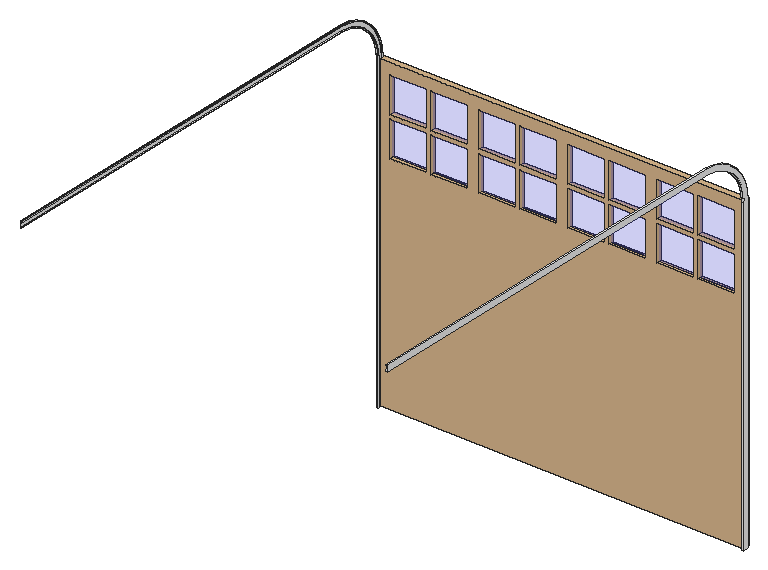
Revit family
Parameters (values of type "7Ft H x 8Ft W")
  Track Width = Width + 0' 2"  # 8' - 2"
  Track Height = Height + 1' 0"  # 8' - 0"
  Track Depth = 10' - 0"
  Track = Metal
  SmartBIM Object Version = 1  # constant formula
  SmartBIM Object Created By = "Reed Construction Data"  # constant formula
  Rough Width = 0' - 0"
  Rough Height = 0' - 0"
  Panel Thickness = 0' - 1 1/2"
  Manufacturer = ""
  Height = 7' - 0"
  Wall Closure = (empty or 0)
  Width = 8' - 0"
  Door Glass = Glass
  Door = Wood
  95 CSI = "08360"  # constant formula
  04 CSI = "08 36 13"  # constant formula
Types (3): name | Track Width | Width
  (no name) | 8' - 2" | 8' - 0"
  7Ft H x 8Ft W | 8' - 2" | 8' - 0"
  7Ft H x 16Ft W | 16' - 2" | 16' - 0"
Reference planes (in)
  plane 1 "Center (Front/Back)": y = 0
  plane 2 "Center (Left/Right)": x = 0
  plane 3 "Left": x = -48
  plane 4 "Right": x = 48
  plane 5 "Top": z = 84
  plane 6: x = -49
  plane 7: x = 49
  plane 8: y = -3.25
  plane 9: z = 60.75
  plane 10: z = 20.25
  plane 11: z = 40.5
  plane 12: z = 81
  plane 13: x = 24
  plane 14: x = -24
  plane 15: y = -2.5
  plane 16: y = -2.5
  plane 17 "Ext": y = -3.25
  plane 18: y = -2.5
  plane 19 "Int": y = -1.75
  plane 20: x = -36
  plane 21: x = -12
  plane 22: x = 12
  plane 23: x = 36
  plane 24: z = 70.875
Forms (in)
  Extrusion 1, solid, material "Wood" <- "Door"
    sketch origin (0, 0, 0) x (1, 0, 0) y (0, 0, 1)
      loop
        line (-49, 84) -> (-49, 0) -> (49, 0) -> (49, 84) -> (-49, 84)
      loop
        line (46.5, 60.75) -> (46.5, 70.375) -> (36.5, 70.375) -> (36.5, 60.75) -> (46.5, 60.75)
      loop
        line (22.5, 60.75) -> (22.5, 70.375) -> (12.5, 70.375) -> (12.5, 60.75) -> (22.5, 60.75)
      loop
        line (25.5, 81) -> (25.5, 71.375) -> (35.5, 71.375) -> (35.5, 81) -> (25.5, 81)
      loop
        line (46.5, 81) -> (36.5, 81) -> (36.5, 71.375) -> (46.5, 71.375) -> (46.5, 81)
      loop
        line (22.5, 81) -> (12.5, 81) -> (12.5, 71.375) -> (22.5, 71.375) -> (22.5, 81)
      loop
        line (-1.5, 60.75) -> (-1.5, 70.375) -> (-11.5, 70.375) -> (-11.5, 60.75) -> (-1.5, 60.75)
      loop
        line (1.5, 81) -> (1.5, 71.375) -> (11.5, 71.375) -> (11.5, 81) -> (1.5, 81)
      loop
        line (-1.5, 81) -> (-11.5, 81) -> (-11.5, 71.375) -> (-1.5, 71.375) -> (-1.5, 81)
      loop
        line (-25.5, 60.75) -> (-25.5, 70.375) -> (-35.5, 70.375) -> (-35.5, 60.75) -> (-25.5, 60.75)
      loop
        line (-22.5, 81) -> (-22.5, 71.375) -> (-12.5, 71.375) -> (-12.5, 81) -> (-22.5, 81)
      loop
        line (-25.5, 81) -> (-35.5, 81) -> (-35.5, 71.375) -> (-25.5, 71.375) -> (-25.5, 81)
      loop
        line (-46.5, 81) -> (-46.5, 71.375) -> (-36.5, 71.375) -> (-36.5, 81) -> (-46.5, 81)
      loop
        line (-36.5, 60.75) -> (-36.5, 70.375) -> (-46.5, 70.375) -> (-46.5, 60.75) -> (-36.5, 60.75)
      loop
        line (-12.5, 60.75) -> (-12.5, 70.375) -> (-22.5, 70.375) -> (-22.5, 60.75) -> (-12.5, 60.75)
      loop
        line (11.5, 60.75) -> (11.5, 70.375) -> (1.5, 70.375) -> (1.5, 60.75) -> (11.5, 60.75)
      loop
        line (35.5, 60.75) -> (35.5, 70.375) -> (25.5, 70.375) -> (25.5, 60.75) -> (35.5, 60.75)
    from 1.75 to 3.25
  Extrusion 2, solid, material "Glass" <- "Door Glass"
    sketch origin (0, 0, 0) x (1, 0, 0) y (0, 0, 1)
      loop
        line (46.5, 81) -> (25.5, 81) -> (25.5, 60.75) -> (46.5, 60.75) -> (46.5, 81)
      loop
        line (22.5, 81) -> (1.5, 81) -> (1.5, 60.75) -> (22.5, 60.75) -> (22.5, 81)
      loop
        line (-1.5, 81) -> (-22.5, 81) -> (-22.5, 60.75) -> (-1.5, 60.75) -> (-1.5, 81)
      loop
        line (-25.5, 81) -> (-46.5, 81) -> (-46.5, 60.75) -> (-25.5, 60.75) -> (-25.5, 81)
    from 2.375 to 2.625
Lines and regions (in)
  Opening 1
    outline origin (-90, -1.75, 0) x (1, 0, 0) y (0, 0, 1)
      loop
        line (42, 0) -> (138, 0) -> (138, 84) -> (42, 84) -> (42, 0)
  model lines
    curve 1: line (1.5, -1.75, 42) -> (46.5, -1.75, 42)
    curve 2: line (46.5, -1.75, 42) -> (46.5, -1.75, 59.25)
    curve 3: line (46.5, -1.75, 59.25) -> (1.5, -1.75, 59.25)
    curve 4: line (45, -1.75, 57.75) -> (3, -1.75, 57.75)
    curve 5: line (3, -1.75, 43.5) -> (45, -1.75, 43.5)
    curve 6: line (45, -1.75, 43.5) -> (45, -1.75, 57.75)
    curve 7: line (1.5, -1.75, 59.25) -> (1.5, -1.75, 42)
    curve 8: line (3, -1.75, 57.75) -> (3, -1.75, 43.5)
    curve 9: line (-1.5, -1.75, 59.25) -> (-1.5, -1.75, 42)
    curve 10: line (-1.5, -1.75, 42) -> (-46.5, -1.75, 42)
    curve 11: line (-46.5, -1.75, 59.25) -> (-1.5, -1.75, 59.25)
    curve 12: line (-45, -1.75, 57.75) -> (-3, -1.75, 57.75)
    curve 13: line (-3, -1.75, 57.75) -> (-3, -1.75, 43.5)
    curve 14: line (-3, -1.75, 43.5) -> (-45, -1.75, 43.5)
    curve 15: line (-46.5, -1.75, 59.25) -> (-46.5, -1.75, 42)
    curve 16: line (-45, -1.75, 57.75) -> (-45, -1.75, 43.5)
    curve 17: line (-46.5, -1.75, 39) -> (-46.5, -1.75, 21.75)
    curve 18: line (-45, -1.75, 37.5) -> (-45, -1.75, 23.25)
    curve 19: line (-46.5, -1.75, 21.75) -> (-1.5, -1.75, 21.75)
    curve 20: line (-1.5, -1.75, 21.75) -> (-1.5, -1.75, 39)
    curve 21: line (-1.5, -1.75, 39) -> (-46.5, -1.75, 39)
    curve 22: line (-3, -1.75, 37.5) -> (-45, -1.75, 37.5)
    curve 23: line (-45, -1.75, 23.25) -> (-3, -1.75, 23.25)
    curve 24: line (-3, -1.75, 23.25) -> (-3, -1.75, 37.5)
    curve 25: line (1.5, -1.75, 21.75) -> (1.5, -1.75, 39)
    curve 26: line (3, -1.75, 23.25) -> (3, -1.75, 37.5)
    curve 27: line (1.5, -1.75, 21.75) -> (46.5, -1.75, 21.75)
    curve 28: line (46.5, -1.75, 21.75) -> (46.5, -1.75, 39)
    curve 29: line (46.5, -1.75, 39) -> (1.5, -1.75, 39)
    curve 30: line (45, -1.75, 37.5) -> (3, -1.75, 37.5)
    curve 31: line (3, -1.75, 23.25) -> (45, -1.75, 23.25)
    curve 32: line (45, -1.75, 23.25) -> (45, -1.75, 37.5)
    curve 33: line (-46.5, -1.75, 1.5) -> (-46.5, -1.75, 18.75)
    curve 34: line (-45, -1.75, 3) -> (-45, -1.75, 17.25)
    curve 35: line (-1.5, -1.75, 1.5) -> (-1.5, -1.75, 18.75)
    curve 36: line (-1.5, -1.75, 18.75) -> (-46.5, -1.75, 18.75)
    curve 37: line (-46.5, -1.75, 1.5) -> (-1.5, -1.75, 1.5)
    curve 38: line (-45, -1.75, 3) -> (-3, -1.75, 3)
    curve 39: line (-3, -1.75, 3) -> (-3, -1.75, 17.25)
    curve 40: line (-3, -1.75, 17.25) -> (-45, -1.75, 17.25)
    curve 41: line (1.5, -1.75, 1.5) -> (1.5, -1.75, 18.75)
    curve 42: line (3, -1.75, 3) -> (3, -1.75, 17.25)
    curve 43: line (46.5, -1.75, 1.5) -> (46.5, -1.75, 18.75)
    curve 44: line (46.5, -1.75, 18.75) -> (1.5, -1.75, 18.75)
    curve 45: line (1.5, -1.75, 1.5) -> (46.5, -1.75, 1.5)
    curve 46: line (3, -1.75, 3) -> (45, -1.75, 3)
    curve 47: line (45, -1.75, 3) -> (45, -1.75, 17.25)
    curve 48: line (45, -1.75, 17.25) -> (3, -1.75, 17.25)
    curve 49: line (3, -1.75, 57.75) -> (1.5, -1.75, 59.25)
    curve 50: line (3, -1.75, 43.5) -> (1.5, -1.75, 42)
    curve 51: line (45, -1.75, 57.75) -> (46.5, -1.75, 59.25)
    curve 52: line (45, -1.75, 43.5) -> (46.5, -1.75, 42)
    curve 53: line (45, -1.75, 23.25) -> (46.5, -1.75, 21.75)
    curve 54: line (45, -1.75, 37.5) -> (46.5, -1.75, 39)
    curve 55: line (45, -1.75, 17.25) -> (46.5, -1.75, 18.75)
    curve 56: line (45, -1.75, 3) -> (46.5, -1.75, 1.5)
    curve 57: line (3, -1.75, 17.25) -> (1.5, -1.75, 18.75)
    curve 58: line (3, -1.75, 3) -> (1.5, -1.75, 1.5)
    curve 59: line (-3, -1.75, 17.25) -> (-1.5, -1.75, 18.75)
    curve 60: line (-3, -1.75, 3) -> (-1.5, -1.75, 1.5)
    curve 61: line (-45, -1.75, 17.25) -> (-46.5, -1.75, 18.75)
    curve 62: line (-45, -1.75, 3) -> (-46.5, -1.75, 1.5)
    curve 63: line (-45, -1.75, 23.25) -> (-46.5, -1.75, 21.75)
    curve 64: line (-45, -1.75, 37.5) -> (-46.5, -1.75, 39)
    curve 65: line (-3, -1.75, 23.25) -> (-1.5, -1.75, 21.75)
    curve 66: line (-3, -1.75, 37.5) -> (-1.5, -1.75, 39)
    curve 67: line (3, -1.75, 23.25) -> (1.5, -1.75, 21.75)
    curve 68: line (3, -1.75, 37.5) -> (1.5, -1.75, 39)
    curve 69: line (-3, -1.75, 57.75) -> (-1.5, -1.75, 59.25)
    curve 70: line (-3, -1.75, 43.5) -> (-1.5, -1.75, 42)
    curve 71: line (-45, -1.75, 57.75) -> (-46.5, -1.75, 59.25)
    curve 72: line (-45, -1.75, 43.5) -> (-46.5, -1.75, 42)
    curve 73: line (-46.5, -3.25, 59.25) -> (-1.5, -3.25, 59.25)
    curve 74: line (-1.5, -3.25, 59.25) -> (-1.5, -3.25, 42)
    curve 75: line (-1.5, -3.25, 42) -> (-46.5, -3.25, 42)
    curve 76: line (-46.5, -3.25, 42) -> (-46.5, -3.25, 59.25)
    curve 77: line (-45, -3.25, 57.75) -> (-3, -3.25, 57.75)
    curve 78: line (-3, -3.25, 57.75) -> (-3, -3.25, 43.5)
    curve 79: line (-3, -3.25, 43.5) -> (-45, -3.25, 43.5)
    curve 80: line (-45, -3.25, 43.5) -> (-45, -3.25, 57.75)
    curve 81: line (3, -3.25, 57.75) -> (3, -3.25, 43.5)
    curve 82: line (3, -3.25, 43.5) -> (45, -3.25, 43.5)
    curve 83: line (45, -3.25, 43.5) -> (45, -3.25, 57.75)
    curve 84: line (45, -3.25, 57.75) -> (3, -3.25, 57.75)
    curve 85: line (1.5, -3.25, 42) -> (46.5, -3.25, 42)
    curve 86: line (46.5, -3.25, 42) -> (46.5, -3.25, 59.25)
    curve 87: line (46.5, -3.25, 59.25) -> (1.5, -3.25, 59.25)
    curve 88: line (1.5, -3.25, 59.25) -> (1.5, -3.25, 42)
    curve 89: line (3, -3.25, 23.25) -> (45, -3.25, 23.25)
    curve 90: line (45, -3.25, 23.25) -> (45, -3.25, 37.5)
    curve 91: line (45, -3.25, 37.5) -> (3, -3.25, 37.5)
    curve 92: line (3, -3.25, 37.5) -> (3, -3.25, 23.25)
    curve 93: line (1.5, -3.25, 21.75) -> (46.5, -3.25, 21.75)
    curve 94: line (46.5, -3.25, 21.75) -> (46.5, -3.25, 39)
    curve 95: line (46.5, -3.25, 39) -> (1.5, -3.25, 39)
    curve 96: line (1.5, -3.25, 39) -> (1.5, -3.25, 21.75)
    curve 97: line (-3, -3.25, 37.5) -> (-45, -3.25, 37.5)
    curve 98: line (-45, -3.25, 37.5) -> (-45, -3.25, 23.25)
    curve 99: line (-45, -3.25, 23.25) -> (-3, -3.25, 23.25)
    curve 100: line (-3, -3.25, 23.25) -> (-3, -3.25, 37.5)
    curve 101: line (-46.5, -3.25, 39) -> (-46.5, -3.25, 21.75)
    curve 102: line (-46.5, -3.25, 21.75) -> (-1.5, -3.25, 21.75)
    curve 103: line (-1.5, -3.25, 21.75) -> (-1.5, -3.25, 39)
    curve 104: line (-1.5, -3.25, 39) -> (-46.5, -3.25, 39)
    curve 105: line (-45, -3.25, 3) -> (-45, -3.25, 17.25)
    curve 106: line (-45, -3.25, 17.25) -> (-3, -3.25, 17.25)
    curve 107: line (-3, -3.25, 17.25) -> (-3, -3.25, 3)
    curve 108: line (-3, -3.25, 3) -> (-45, -3.25, 3)
    curve 109: line (-46.5, -3.25, 1.5) -> (-1.5, -3.25, 1.5)
    curve 110: line (-1.5, -3.25, 1.5) -> (-1.5, -3.25, 18.75)
    curve 111: line (-1.5, -3.25, 18.75) -> (-46.5, -3.25, 18.75)
    curve 112: line (-46.5, -3.25, 18.75) -> (-46.5, -3.25, 1.5)
    curve 113: line (1.5, -3.25, 1.5) -> (46.5, -3.25, 1.5)
    curve 114: line (46.5, -3.25, 1.5) -> (46.5, -3.25, 18.75)
    curve 115: line (46.5, -3.25, 18.75) -> (1.5, -3.25, 18.75)
    curve 116: line (1.5, -3.25, 18.75) -> (1.5, -3.25, 1.5)
    curve 117: line (45, -3.25, 17.25) -> (3, -3.25, 17.25)
    curve 118: line (3, -3.25, 17.25) -> (3, -3.25, 3)
    curve 119: line (3, -3.25, 3) -> (45, -3.25, 3)
    curve 120: line (45, -3.25, 3) -> (45, -3.25, 17.25)
    curve 121: line (-45, -3.25, 57.75) -> (-46.5, -3.25, 59.25)
    curve 122: line (-3, -3.25, 57.75) -> (-1.5, -3.25, 59.25)
    curve 123: line (-3, -3.25, 43.5) -> (-1.5, -3.25, 42)
    curve 124: line (-45, -3.25, 43.5) -> (-46.5, -3.25, 42)
    curve 125: line (3, -3.25, 57.75) -> (1.5, -3.25, 59.25)
    curve 126: line (45, -3.25, 57.75) -> (46.5, -3.25, 59.25)
    curve 127: line (45, -3.25, 43.5) -> (46.5, -3.25, 42)
    curve 128: line (3, -3.25, 43.5) -> (1.5, -3.25, 42)
    curve 129: line (3, -3.25, 37.5) -> (1.5, -3.25, 39)
    curve 130: line (45, -3.25, 37.5) -> (46.5, -3.25, 39)
    curve 131: line (45, -3.25, 23.25) -> (46.5, -3.25, 21.75)
    curve 132: line (3, -3.25, 23.25) -> (1.5, -3.25, 21.75)
    curve 133: line (-3, -3.25, 23.25) -> (-1.5, -3.25, 21.75)
    curve 134: line (-3, -3.25, 37.5) -> (-1.5, -3.25, 39)
    curve 135: line (-45, -3.25, 37.5) -> (-46.5, -3.25, 39)
    curve 136: line (-45, -3.25, 23.25) -> (-46.5, -3.25, 21.75)
    curve 137: line (-45, -3.25, 17.25) -> (-46.5, -3.25, 18.75)
    curve 138: line (-3, -3.25, 17.25) -> (-1.5, -3.25, 18.75)
    curve 139: line (-3, -3.25, 3) -> (-1.5, -3.25, 1.5)
    curve 140: line (-45, -3.25, 3) -> (-46.5, -3.25, 1.5)
    curve 141: line (3, -3.25, 3) -> (1.5, -3.25, 1.5)
    curve 142: line (3, -3.25, 17.25) -> (1.5, -3.25, 18.75)
    curve 143: line (45, -3.25, 17.25) -> (46.5, -3.25, 18.75)
    curve 144: line (45, -3.25, 3) -> (46.5, -3.25, 1.5)
Text (in)
  text "Exterior" at (-74.96733, 27.31104, 0), in view "Ref. Level"
  text "Interior" at (-76.69036, -30.31274, 0), in view "Ref. Level"
  text "Exterior" at (0, 40.15149, 123.01588), in view "Right"
  text "Interior" at (0, -64.39139, 123.01588), in view "Right"
  text "Interior" at (0, -31.01599, 123.00693), in view "Left"
  text "Exterior" at (0, 54.57065, 123.00693), in view "Left"
Dimensions and locks (in)
  equal spacing: plane 3 "Left", plane 2 "Center (Left/Right)", plane 4 "Right"
  "Height": level to plane 5 "Top"
  "Width": plane 3 "Left" to plane 4 "Right"
  locked: plane 6 to plane 3 "Left" at 1
  locked: plane 4 "Right" to plane 7 at 1
  locked: plane 12 to plane 5 "Top" at 3
  equal spacing: level, plane 10, plane 11, plane 9, plane 12
  equal spacing: plane 2 "Center (Left/Right)", plane 13, plane 4 "Right"
  equal spacing: plane 2 "Center (Left/Right)", plane 14, plane 3 "Left"
  locked: Extrusion 1 sketch curve to plane 4 "Right" at 1.5
  equal spacing: Extrusion 1 sketch curve, plane 13, Extrusion 1 sketch curve
  locked: Extrusion 1 sketch curve to Extrusion 1 sketch curve at 3  (x3)
  equal spacing: Extrusion 1 sketch curve, plane 2 "Center (Left/Right)", Extrusion 1 sketch curve
  equal spacing: Extrusion 1 sketch curve, plane 14, Extrusion 1 sketch curve
  locked: Extrusion 1 sketch curve to plane 3 "Left" at 1.5
  locked: Extrusion 2 to Extrusion 2 at 0.25  (x2)
  host wall to plane 15 to plane 8 = 0' - 0 3/4", 0' - 0 3/4"
  equal spacing: Extrusion 2, plane 16, Extrusion 2
  plane 14 to Extrusion 1 = 0' - 1 1/2"
  equal spacing: plane 17 "Ext", plane 18, plane 19 "Int"
  locked: curve 6 to curve 2 at 1.5
  locked: curve 4 to curve 3 at 1.5
  locked: curve 1 to curve 5 at 1.5
  locked: curve 8 to curve 7 at 1.5
  locked: curve 9 to curve 13 at 1.5
  locked: curve 15 to curve 16 at 1.5
  "Panel Thickness": plane 19 "Int" to plane 17 "Ext"
  equal spacing: Extrusion 1 sketch curve, plane 23, Extrusion 1 sketch curve  (x2)
  equal spacing: plane 13, plane 23, plane 4 "Right"
  equal spacing: plane 13, plane 22, plane 2 "Center (Left/Right)"
  equal spacing: Extrusion 1 sketch curve, plane 22, Extrusion 1 sketch curve
  locked: Extrusion 1 sketch curve to Extrusion 1 sketch curve at 1  (x4)
  equal spacing: plane 2 "Center (Left/Right)", plane 21, plane 14
  equal spacing: Extrusion 1 sketch curve, plane 21, Extrusion 1 sketch curve
  equal spacing: plane 3 "Left", plane 20, plane 14
  equal spacing: Extrusion 1 sketch curve, plane 20, Extrusion 1 sketch curve
  equal spacing: plane 12, plane 24, plane 9
  equal spacing: Extrusion 1 sketch curve, plane 24, Extrusion 1 sketch curve
  aligned and locked: plane 3 "Left" to Opening 1 sketch curve
  aligned and locked: plane 5 "Top" to Opening 1 sketch curve  (x2)
  aligned and locked: Opening 1 sketch curve to plane 4 "Right"
  aligned and locked: Opening 1 sketch curve to level
  aligned and locked: Extrusion 1 sketch curve to plane 6
  aligned and locked: Extrusion 1 sketch curve to plane 7
  aligned and locked: Extrusion 1 sketch curve to level
  aligned and locked: Extrusion 1 sketch curve to host wall
  aligned and locked: plane 12 to Extrusion 1 sketch curve  (x4)
  aligned and locked: plane 9 to Extrusion 1 sketch curve  (x4)
  aligned and locked: Extrusion 1 sketch curve to plane 9
  aligned and locked: Extrusion 2 sketch curve to Extrusion 1  (x16)
  aligned and locked: plane 15 to plane 16
  aligned and locked: host wall to plane 19 "Int"
  aligned and locked: plane 16 to plane 18
  aligned and locked: plane 17 "Ext" to Extrusion 1
  aligned and locked: Extrusion 1 to host wall
  aligned and locked: Extrusion 1 sketch curve to Extrusion 1 sketch curve  (x18)
  aligned and locked: curve 73 to curve 11
  aligned and locked: curve 74 to curve 9
  aligned and locked: curve 75 to curve 10
  aligned and locked: curve 76 to curve 15
  aligned and locked: curve 77 to curve 12
  aligned and locked: curve 78 to curve 13
  aligned and locked: curve 79 to curve 14
  aligned and locked: curve 80 to curve 16
  aligned and locked: curve 81 to curve 8
  aligned and locked: curve 82 to curve 5
  aligned and locked: curve 83 to curve 6
  aligned and locked: curve 84 to curve 4
  aligned and locked: curve 85 to curve 1
  aligned and locked: curve 86 to curve 2
  aligned and locked: curve 87 to curve 3
  aligned and locked: curve 88 to curve 7
  aligned and locked: curve 89 to curve 31
  aligned and locked: curve 90 to curve 32
  aligned and locked: curve 91 to curve 30
  aligned and locked: curve 92 to curve 26
  aligned and locked: curve 93 to curve 27
  aligned and locked: curve 94 to curve 28
  aligned and locked: curve 95 to curve 29
  aligned and locked: curve 96 to curve 25
  aligned and locked: curve 97 to curve 22
  aligned and locked: curve 98 to curve 18
  aligned and locked: curve 99 to curve 23
  aligned and locked: curve 100 to curve 24
  aligned and locked: curve 101 to curve 17
  aligned and locked: curve 102 to curve 19
  aligned and locked: curve 103 to curve 20
  aligned and locked: curve 104 to curve 21
  aligned and locked: curve 105 to curve 34
  aligned and locked: curve 106 to curve 40
  aligned and locked: curve 107 to curve 39
  aligned and locked: curve 108 to curve 38
  aligned and locked: curve 109 to curve 37
  aligned and locked: curve 110 to curve 35
  aligned and locked: curve 111 to curve 36
  aligned and locked: curve 112 to curve 33
  aligned and locked: curve 113 to curve 45
  aligned and locked: curve 114 to curve 43
  aligned and locked: curve 115 to curve 44
  aligned and locked: curve 116 to curve 41
  aligned and locked: curve 117 to curve 48
  aligned and locked: curve 118 to curve 42
  aligned and locked: curve 119 to curve 46
  aligned and locked: curve 120 to curve 47
  aligned and locked: curve 121 to curve 71
  aligned and locked: curve 122 to curve 69
  aligned and locked: curve 123 to curve 70
  aligned and locked: curve 124 to curve 72
  aligned and locked: curve 125 to curve 49
  aligned and locked: curve 126 to curve 51
  aligned and locked: curve 127 to curve 52
  aligned and locked: curve 128 to curve 50
  aligned and locked: curve 129 to curve 68
  aligned and locked: curve 130 to curve 54
  aligned and locked: curve 131 to curve 53
  aligned and locked: curve 132 to curve 67
  aligned and locked: curve 133 to curve 65
  aligned and locked: curve 134 to curve 66
  aligned and locked: curve 135 to curve 64
  aligned and locked: curve 136 to curve 63
  aligned and locked: curve 137 to curve 61
  aligned and locked: curve 138 to curve 59
  aligned and locked: curve 139 to curve 60
  aligned and locked: curve 140 to curve 62
  aligned and locked: curve 141 to curve 58
  aligned and locked: curve 142 to curve 57
  aligned and locked: curve 143 to curve 55
  aligned and locked: curve 144 to curve 56
  aligned and locked: nested 1 to plane 2 "Center (Left/Right)"
  aligned and locked: plane 18 to nested 1
Automatic sketch dimensions
  curve 64 to plane 3 "Left" = 0' - 1 1/2"
  curve 62 to plane 3 "Left" = 0' - 1 1/2"
  curve 33 to curve 61 = 0' - 1 1/2"
  curve 17 to curve 64 = 0' - 1 1/2"
  curve 14 to plane 2 "Center (Left/Right)" = 0' - 3"
  curve 60 to plane 2 "Center (Left/Right)" = 0' - 3"
  curve 66 to plane 2 "Center (Left/Right)" = 0' - 3"
  curve 35 to plane 2 "Center (Left/Right)" = 0' - 1 1/2"
  curve 21 to plane 2 "Center (Left/Right)" = 0' - 1 1/2"
  plane 2 "Center (Left/Right)" to curve 50 = 0' - 1 1/2"
  plane 2 "Center (Left/Right)" to curve 68 = 0' - 1 1/2"
  plane 2 "Center (Left/Right)" to curve 58 = 0' - 1 1/2"
  curve 41 to curve 57 = 0' - 1 1/2"
  curve 25 to curve 26 = 0' - 1 1/2"
  plane 4 "Right" to curve 47 = 0' - 3"
  plane 4 "Right" to curve 51 = 0' - 3"
  plane 4 "Right" to curve 53 = 0' - 3"
  plane 4 "Right" to curve 55 = 0' - 1 1/2"
  plane 4 "Right" to curve 54 = 0' - 1 1/2"
  level to curve 35 = 0' - 1 1/2"
  curve 43 to curve 47 = 0' - 1 1/2"
  curve 57 to plane 10 = 0' - 3"
  curve 36 to plane 10 = 0' - 1 1/2"
  plane 10 to curve 20 = 0' - 1 1/2"
  curve 19 to curve 24 = 0' - 1 1/2"
  plane 11 to curve 9 = 0' - 1 1/2"
  curve 7 to plane 9 = 0' - 1 1/2"
  curve 15 to plane 9 = 0' - 1 1/2"
  Extrusion 1 sketch curve to plane 9 = 0' - 0"  (x3)
  Extrusion 1 sketch curve to plane 12 = 0' - 0"  (x4)
  Extrusion 1 sketch curve to Extrusion 1 sketch curve = 0' - 0"  (x6)
  plane 14 to Extrusion 1 sketch curve = 0' - 1 1/2"
  Extrusion 1 sketch curve to plane 2 "Center (Left/Right)" = 0' - 1 1/2"
  plane 2 "Center (Left/Right)" to Extrusion 1 sketch curve = 0' - 1 1/2"
  Extrusion 1 sketch curve to plane 13 = 0' - 1 1/2"
  Extrusion 1 sketch curve to Extrusion 1 sketch curve = 0' - 1"  (x2)
  Extrusion 1 sketch curve to plane 23 = 0' - 0 1/2"
  plane 11 to curve 50 = 0' - 1 1/2"
  curve 13 to curve 9 = 0' - 1 1/2"
  curve 15 to curve 72 = 0' - 1 1/2"
  curve 72 to plane 3 "Left" = 0' - 1 1/2"
  curve 32 to curve 28 = 0' - 1 1/2"
  curve 25 to plane 11 = 0' - 1 1/2"
  plane 10 to curve 25 = 0' - 1 1/2"
  curve 25 to curve 67 = 0' - 1 1/2"
  curve 18 to plane 11 = 0' - 3"
  curve 17 to plane 11 = 0' - 1 1/2"
  curve 44 to plane 10 = 0' - 1 1/2"
  level to curve 58 = 0' - 1 1/2"
  curve 40 to curve 36 = 0' - 1 1/2"
  curve 33 to curve 34 = 0' - 1 1/2"
Nested families (in)
  nested 1: "Door Track" at (-0.5, -64, 0), Width <- "Track Width", Height <- "Track Height", Depth <- "Track Depth", type "Door Track"
    with Width 8' - 2", Height 8' - 0", Depth 10' - 0"
Definition of nested family "Door Track"
  Parameters
    Width [instance] = 10' - 0"
    Track = Metal
    Height [instance] = 11' - 0"
    Depth [instance] = 8' - 0"
  Reference planes (in)
    plane 1 "Center (Front/Back)": y = 0
    plane 2: z = 0
    plane 3 "Center (Left/Right)": x = 0.5
    plane 4 "Back": y = 48
    plane 5 "Front": y = -48
    plane 6 "Left": x = -59.5
    plane 7 "Right": x = 60.5
    plane 8 "Top": z = 132
    plane 9 "Center (Up/Down)": z = 66
    plane 10: y = 48.75
    plane 11: y = 49.5
  Forms (in)
    Sweep 1, solid, material "Metal" <- "Track"
      path origin (60.5, 60, 48) x (0, 1, 0) y (0, 0, 1)
        loop
          line (-12, -48) -> (-12, 72)
          arc (-12, 72) -> (-15.51472, 80.48528) -> (-24, 84) r 12
          line (-24, 84) -> (-108, 84)
      profile origin (60.5, -6, 132) x (0, 0, -1) y (1, 0, 0)
        loop
          line (-1.5, 0) -> (-1.375, 0) -> (-1.375, 0.375) -> (-0.125, 0.375) -> (-0.125, 0) -> (0, 0) -> (0, 0.5) -> (-1.5, 0.5) -> (-1.5, 0)
    Sweep 2, solid, material "Metal" <- "Track"
      path origin (-59.5, 60, 48) x (0, 1, 0) y (0, 0, 1)
        loop
          line (-12, -48) -> (-12, 72)
          arc (-12, 72) -> (-15.51472, 80.48528) -> (-24, 84) r 12
          line (-24, 84) -> (-108, 84)
      profile origin (-59.5, -6, 132) x (0, 0, -1) y (1, 0, 0)
        loop
          line (-1.5, 0) -> (-1.5, -0.5) -> (0, -0.5) -> (0, 0) -> (-0.125, 0) -> (-0.125, -0.375) -> (-1.375, -0.375) -> (-1.375, 0) -> (-1.5, 0)
  Dimensions and locks (in)
    equal spacing: plane 6 "Left", plane 3 "Center (Left/Right)", plane 7 "Right"
    "Width": plane 6 "Left" to plane 7 "Right"
    equal spacing: plane 4 "Back", plane 1 "Center (Front/Back)", plane 5 "Front"
    "Depth": plane 4 "Back" to plane 5 "Front"
    "Height": plane 8 "Top" to plane 2
    equal spacing: plane 8 "Top", plane 9 "Center (Up/Down)", level
    locked: Sweep 2 sketch curve to Sweep 2 sketch curve at 0.125  (x3)
    locked: Sweep 2 sketch curve to Sweep 2 sketch curve at 0.5  (x2)
    locked: Sweep 2 sketch curve to Sweep 2 sketch curve at 1.5
    locked: Sweep 1 sketch curve to Sweep 1 sketch curve at 0.5  (x2)
    locked: Sweep 1 sketch curve to Sweep 1 sketch curve at 0.125  (x3)
    locked: Sweep 1 sketch curve to Sweep 1 sketch curve at 1.5
    equal spacing: plane 4 "Back", plane 10, plane 11
    locked: plane 10 to plane 11 at 0.75
    radius of Sweep 1 sketch curve = 1' - 0"
    radius of Sweep 2 sketch curve = 1' - 0"
    aligned and locked: plane 8 "Top" to Sweep 1 sketch curve  (x2)
    aligned and locked: plane 5 "Front" to Sweep 1 sketch curve
    aligned and locked: plane 4 "Back" to Sweep 1 sketch curve
    aligned and locked: plane 4 "Back" to Sweep 2 sketch curve
    aligned and locked: plane 5 "Front" to Sweep 2 sketch curve
    aligned and locked: level to Sweep 2 sketch curve
    aligned and locked: Sweep 2 sketch curve to profile plane  (x2)
    aligned and locked: Sweep 1 sketch curve to profile plane
    aligned and locked: plane 11 to Sweep 1
  Automatic sketch dimensions
    Sweep 1 sketch curve to level = 0' - 0"
    Sweep 2 sketch curve to plane 8 "Top" = 0' - 0"
